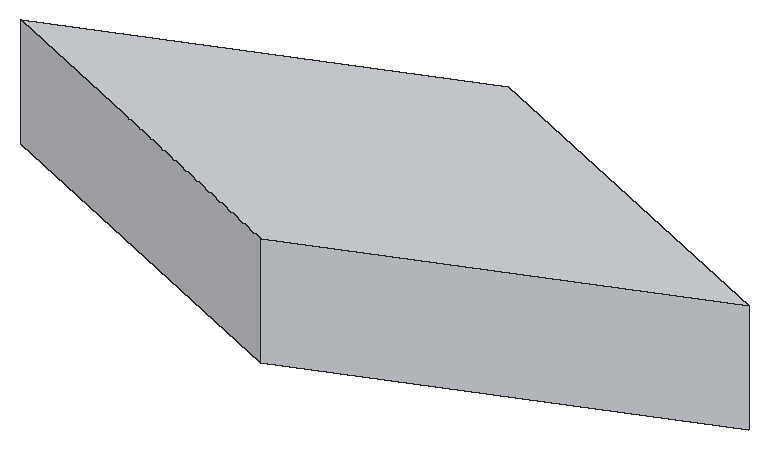
Revit family "Family3", category Generic Models, Revit 2020
Family settings
  Can host rebar = No
  Round Connector Dimension = Use Diameter
  Part Type = Normal
  Work Plane-Based = No
  Always vertical = Yes
  Cut with Voids When Loaded = No
  Shared = No
  Room Calculation Point = No
Parameters
  Default Elevation = 0 mm
Reference planes
  plane 1 "Center (Front/Back)": y = 0
  plane 2: z = 0
  plane 3 "Center (Left/Right)": x = 0
Forms (mm)
  Extrusion 1, solid
    sketch origin (0, 0, 0) x (1, 0, 0) y (0, 1, 0)
      loop
        line (-820, 0) -> (0, -348.069) -> (820, 0) -> (0, 348.069) -> (-820, 0)
    from 0 to 250
Dimensions and locks
  aligned and locked: level to plane 2
